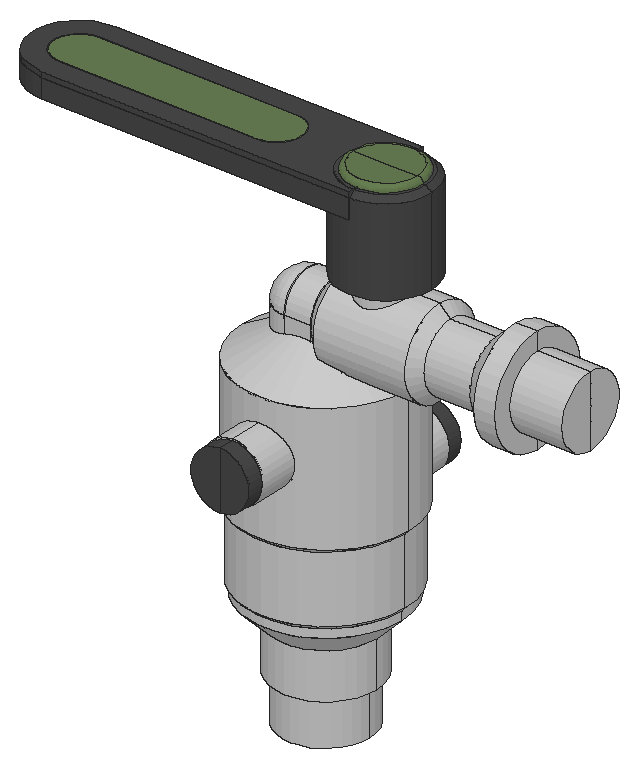
Revit family "Entnahmearmatur mit Systemtrenner 0300", category Rohrzubehör, Revit 2021
Family settings
  Bemaßung runder Anschluss = Durchmesser verwenden
  Teiletyp = Unterbricht
  OmniClass-Nummer = 23.65.55.14
  OmniClass-Titel = Valves for Liquid Services
  Arbeitsebenenbasiert = Nein
  Immer vertikal = Ja
  Beim Laden mit Abzugskörper schneiden = Nein
  Gemeinsam genutzt = Nein
Parameters (values of type "DN20 auf DN25")
  Vorgabe-Ansicht = 0.000 mm
  Max. zulässige Betriebstemperatur (kurzzeitig) = 80 °C  # constant formula
  Max. Betriebstemperatur = 65 °C  # constant formula
  W02 = 60.00°  # constant formula
  W01 = 45.00°  # constant formula
  URL = "www.herz-armaturen.at"
  Systemtrenner-Kartusche = "hochwertiger, kalkabweisender Kunststoff"  # constant formula
  STL02 = 37.500 mm  # constant formula
  STL01 = 33.000 mm  # constant formula
  STD02 = 8.200 mm  # constant formula
  STD01 = 8.500 mm  # constant formula
  SCTWSEQ = "AW;SBT_TYP_AW=\"104\";2"
  SCTWCODE = "04;12;02"  # constant formula
  S05 = R03 - 2.000 mm  # 10.400 mm
  S04 = 33.000 mm  # constant formula
  S03 = 25.000 mm  # constant formula
  S02 = 45.000 mm  # constant formula
  S01 = 13.000 mm  # constant formula
  R09 = 13.000 mm  # constant formula
  R05 = 8.000 mm  # constant formula
  R04 = 8.500 mm  # constant formula
  R03 = 12.400 mm  # constant formula
  R02 = 9.500 mm  # constant formula
  R01 = 15.000 mm  # constant formula
  NennweiteEin [instance] = if([15_20], 15.000 mm, if([20_20], 20.000 mm, if([20_25], 20.000 mm, 0.000 mm)))  # 20.000 mm
  NennweiteAus [instance] = if([15_20], 20.000 mm, if([20_20], 20.000 mm, if([20_25], 25.000 mm, 0.000 mm)))  # 25.000 mm
  Nenndruck = 1000000.0 Pa  # constant formula
  Medium = "Wasser (ohne Dampf)"  # constant formula
  LO01 = 34.500 mm  # constant formula
  L11 = 77.500 mm  # constant formula
  L10 = 57.500 mm  # constant formula
  L09 = 58.000 mm  # constant formula
  L08 = 2.500 mm  # constant formula
  L07 = 26.000 mm  # constant formula
  L06 = 6.000 mm  # constant formula
  L05 = 15.000 mm  # constant formula
  L04 = 5.000 mm  # constant formula
  L03 = 100.000 mm  # constant formula
  L02 = 58.000 mm  # constant formula
  L01 = 75.000 mm  # constant formula
  Hinweis = "Gemäß Art 33 der REACH-Verordnung (EG Nr. 1907/2006) sind wir verpflichtet, darauf hinzuweisen, dass der Stoff Blei auf der SVHC-Liste geführt wird und dass alle aus Messing bestehenden Bauteile, die in unseren Erzeugnissen verarbeitet sind, mehr als 0,1 % (w/w) Blei (CAS: 7439-92-1 / EINECS: 231-100-4) enthalten.\r\nDa Blei als Legierungsbestandteil fest gebunden ist, sind keine Expositionen zu erwarten und daher sind keine zusätzlichen Angaben zur sicheren Verwendung notwendig."
  Hersteller = "HERZ Armaturen Ges.m.b.H."  # constant formula
  H08 = 15.000 mm  # constant formula
  H07 = 36.000 mm  # constant formula
  H06 = 19.000 mm  # constant formula
  H05 = 2.500 mm  # constant formula
  H04 = 13.000 mm  # constant formula
  H03 = 13.000 mm  # constant formula
  H02 = 105.000 mm  # constant formula
  H01 = 146.000 mm - H02  # 41.000 mm
  Gehäuse = "Pressmessing (CW617N), verchromt"  # constant formula
  Einbaulage = "senkrecht"  # constant formula
  Dichtungen = "EPDM"  # constant formula
  Bestellnummer = if([15_20], "I030001", if([20_20], "I030002", if([20_25], "I030012", "0")))  # "I030012"
  20_25 = yes
  20_20 = no
  15_20 = no
  D05 = 14.500 mm  # constant formula
  D04 = 21.500 mm  # constant formula
  D03 = 22.500 mm  # constant formula
  D02 = 7.000 mm  # constant formula
  D01 = 23.500 mm  # constant formula
  Ausführung = "Der in dieser Entnahmearmatur integrierte Systemtrenner BA wurde nach der Norm DIN EN 1717 entwickelt.\r\nLaut dieser Norm ist die Wasserqualität je nach Grad der Verschmutzung in 5 Klassen eingeteilt.\r\nDer Systemtrenner Typ BA erlaubt Absicherung gegen Nichttrinkwasser bis zur Gefahrenklasse 4, der höchsten Gefahrenklasse, die mit einer Armatur abgesichert werden kann.\r\nDer Einbau eines Schmutzfängers vor dem Systemtrenner hilft, um eine dauerhafte und einwandfreie Funktion zu gewährleisten.\r\nDiese Armatur kann nur senkrecht montiert werden."
  Anwendung = "Diese Entnahmearmatur mit integriertem Systemtrenner (BA) ist zum Einbau über einem Entwässerungsgegenstand oder zum Einbau im Freien (z.B.: als Gartenventil) konzipiert.\r\nDie Armatur besteht aus einem eingangsseitigen Kugelhahn und einem nachgeschalteten Systemtrenner Typ BA nach DIN EN 1717."
  AGein [instance] = NennweiteEin / 2  # 10.000 mm
  AGaus [instance] = NennweiteAus / 2  # 12.500 mm
Types (4, lengths in mm): name | NennweiteEin | NennweiteAus | Bestellnummer | 20_25 | 20_20 | 15_20 | AGein | AGaus
  (no name) | 20.000 | 25.000 | "I030012" | yes | no | no | 10.000 | 12.500
  DN15 auf DN20 | 15.000 | 20.000 | "I030001" | no | no | yes | 7.500 | 10.000
  DN20 auf DN20 | 20.000 | 20.000 | "I030002" | no | yes | no | 10.000 | 10.000
  DN20 auf DN25 | 20.000 | 25.000 | "I030012" | yes | no | no | 10.000 | 12.500
Reference planes
  plane 1 "Mitte (Vorne/hinten)": y = 0
  plane 2: z = 0
  plane 3 "Mitte (Links/rechts)": x = 0
Forms (mm)
  Revolve 1, solid, material "Messing, vernickelt", detail levels fine
    sketch origin (0, 0, -213.5) x (1, 0, 0) y (0, 0, 1)
      loop
        line (0, 108.5) -> (0, 213.5) -> (-7, 213.5) -> (-7, 210.526) -> (-23.5, 201) -> (-23.5, 165) -> (-22.5, 164) -> (-22.5, 145) -> (-21.5, 144) -> (-21.5, 141.5) -> (-14.5, 134.5) -> (-14.5, 121.5) -> (-12.5, 121.5) -> (-12.5, 108.5) -> (0, 108.5)
      axis (0, 213.5) -> (0, 108.5)
    angle from 0 to 360
  Revolve 2, solid, material "Messing, vernickelt", detail levels fine
    sketch origin (0, 0, 0) x (1, 0, 0) y (0, 0, 1)
      loop
        line (2.5, 0) -> (75, 0) -> (75, 10) -> (60, 10) -> (60, 15) -> (54, 15) -> (48.5, 9.5) -> (35.3, 9.5) -> (32.4, 12.4) -> (6.4, 12.4) -> (2.5, 8.5) -> (2.5, 0)
      axis (2.5, 0) -> (75, 0)
    angle from 0 to 360
  Extrusion 3, solid, material "Messing, vernickelt", detail levels fine
    sketch origin (0, 0, 0) x (0, 1, 0) y (0, 0, 1)
      loop
        arc (8.5, 0) -> (0, 8.5) -> (-8.5, 0) r 8.5
        line (-8.5, 0) -> (-8.5, -12.5) -> (8.5, -12.5) -> (8.5, 0)
    from 2.5 to -5
  Extrusion 4, solid, material "Messing, vernickelt", detail levels fine
    sketch origin (0, 0, 0) x (1, 0, 0) y (0, 1, 0)
      loop
        circle (-5, 0) r 8.5
    from -20 to 0
  Revolve 5, solid, material "Messing, vernickelt", detail levels fine
    sketch origin (0, 0, 0) x (1, 0, 0) y (0, 1, 0)
      loop
        arc (-5, 8.5) -> (-11.01, 6.01) -> (-13.5, 0) r 8.5
        line (-13.5, 0) -> (-5, 0) -> (-5, 8.5)
      axis (-5, 0) -> (-13.5, 0)
    angle from 0 to 360
  Revolve 6, solid, material "Messing, vernickelt", detail levels fine
    sketch origin (0, 0, 0) x (1, 0, 0) y (0, 0, 1)
      loop
        line (17, 0) -> (25, 0) -> (25, 15) -> (17, 15) -> (17, 0)
      axis (17, 15) -> (17, 0)
    angle from 0 to 360
  Revolve 7, solid, material "Kunststoff SCHWARZ", detail levels fine
    sketch origin (0, 0, 0) x (1, 0, 0) y (0, 0, 1)
      loop
        line (17, 15) -> (30, 15) -> (30, 39.5) -> (28.5, 41) -> (17, 41) -> (17, 15)
      axis (17, 15) -> (17, 41)
    angle from 0 to 360
  Revolve 8, solid, material "Kunststoff GRÜN", detail levels fine
    sketch origin (0, 0, 0) x (1, 0, 0) y (0, 0, 1)
      loop
        line (17, 42.5) -> (17, 41) -> (27.5, 41)
        arc (27.5, 41) -> (27.061, 42.061) -> (26, 42.5) r 1.5
        line (26, 42.5) -> (17, 42.5)
      axis (17, 42.5) -> (17, 41)
    angle from 0 to 360
  Extrusion 9, solid, material "Kunststoff SCHWARZ", detail levels fine
    sketch origin (0, 0, 0) x (1, 0, 0) y (0, 1, 0)
      loop
        line (17, 13) -> (-70, 13)
        arc (-70, 13) -> (-83, 0) -> (-70, -13) r 13
        line (-70, -13) -> (17, -13) -> (17, 13)
    from 34 to 39.5
  Extrusion 10, solid, material "Kunststoff SCHWARZ", detail levels fine
    sketch origin (0, 0, 0) x (1, 0, 0) y (0, 1, 0)
      loop
        line (17, 13) -> (-70, 13)
        arc (-70, 13) -> (-83, 0) -> (-70, -13) r 13
        line (-70, -13) -> (17, -13) -> (17, 13)
      loop
        arc (-70, 7) -> (-77, 0) -> (-70, -7) r 7
        line (-70, -7) -> (-14, -7)
        arc (-14, -7) -> (-7, 0) -> (-14, 7) r 7
        line (-14, 7) -> (-70, 7)
    from 39.5 to 41
  Extrusion 11, solid, material "Kunststoff GRÜN", detail levels fine
    sketch origin (0, 0, 0) x (1, 0, 0) y (0, 1, 0)
      loop
        arc (-70, 7) -> (-77, 0) -> (-70, -7) r 7
        line (-70, -7) -> (-14, -7)
        arc (-14, -7) -> (-7, 0) -> (-14, 7) r 7
        line (-14, 7) -> (-70, 7)
    from 39.5 to 41
  Revolve 12, solid, material "Messing, vernickelt", detail levels fine
    sketch origin (0, 0, 0) x (0, 1, 0) y (0, 0, 1)
      loop
        line (0, -39) -> (0, -47.5) -> (33, -47.5) -> (33, -39) -> (0, -39)
      axis (33, -47.5) -> (0, -47.5)
    angle from 0 to 360
  Revolve 13, solid, material "Messing, vernickelt", detail levels fine
    sketch origin (0, 0, 0) x (0, -1, 0) y (0, 0, 1)
      loop
        line (0, -19) -> (0, -27.5) -> (33, -27.5) -> (33, -19) -> (0, -19)
      axis (33, -27.5) -> (0, -27.5)
    angle from 0 to 360
  Revolve 14, solid, material "Kunststoff SCHWARZ", detail levels fine
    sketch origin (0, 0, 0) x (0, 1, 0) y (0, 0, 1)
      loop
        line (-33, -27.5) -> (-33, -19.3) -> (-37.5, -19.3) -> (-37.5, -27.5) -> (-33, -27.5)
      axis (-33, -27.5) -> (-37.5, -27.5)
    angle from 0 to 360
  Revolve 15, solid, material "Kunststoff SCHWARZ", detail levels fine
    sketch origin (0, 0, 0) x (0, -1, 0) y (0, 0, 1)
      loop
        line (-33, -47.5) -> (-33, -39.3) -> (-37.5, -39.3) -> (-37.5, -47.5) -> (-33, -47.5)
      axis (-33, -47.5) -> (-37.5, -47.5)
    angle from 0 to 360
Lines and regions (mm)
  model lines, detail levels coarse+medium
    curve 1: line (35.5, 0, 12.4) -> (35.5, 0, -12.4)
    curve 2: line (35.5, 0, -12.4) -> (2.5, 0, 12.4)
    curve 3: line (2.5, 0, 12.4) -> (2.5, 0, -12.4)
    curve 4: line (2.5, 0, -12.4) -> (35.5, 0, 12.4)
    curve 5: circle (10.02, 0, 0) r 10.4 normal (0, -1, 0)
    curve 6: line (35.5, 0, 0) -> (75, 0, 0)
    curve 7: line (60, 0, 15) -> (60, 0, -15)
    curve 8: line (-23.5, 0, -12.4) -> (23.5, 0, -12.4)
    curve 9: line (-23.5, 0, -105) -> (-23.5, 0, -12.4)
    curve 10: line (23.5, 0, -105) -> (-23.5, 0, -105)
    curve 11: line (23.5, 0, -12.4) -> (23.5, 0, -105)
    curve 12: line (2.5, 0, 0) -> (0, 0, 0)
    curve 13: line (0, 0, 0) -> (0, 0, -12.4)
    curve 14: line (-10.5, 0, -105) -> (-10.5, 0, -80)
    curve 15: line (-10.5, 0, -57.4) -> (-10.5, 0, -12.4)
    curve 16: line (10.5, 0, -105) -> (10.5, 0, -80)
    curve 17: line (10.5, 0, -57.4) -> (10.5, 0, -12.4)
    curve 18: line (0, -23.5, -105) -> (0, 23.5, -105)
    curve 19: line (0, -23.5, -12.4) -> (0, -23.5, -105)
    curve 20: line (0, 23.5, -12.4) -> (0, -23.5, -12.4)
    curve 21: line (0, 23.5, -105) -> (0, 23.5, -12.4)
    curve 26: arc (0, -12.4, 0) -> (0, 0, 12.4) -> (0, 12.4, 0) r 12.4
  model lines
    curve 22: line (0, -10.5, -105) -> (0, -10.5, -80)
    curve 23: line (0, -10.5, -57.4) -> (0, -10.5, -12.4)
    curve 24: line (0, 10.5, -105) -> (0, 10.5, -80)
    curve 25: line (0, 10.5, -57.4) -> (0, 10.5, -12.4)
Dimensions and locks
  "H03": Revolve 1 sketch curve to Revolve 1 sketch curve
  "H04": Revolve 1 sketch curve to Revolve 1 sketch curve
  "H05": Revolve 1 sketch curve to Revolve 1 sketch curve
  "H06": Revolve 1 sketch curve to Revolve 1 sketch curve
  "H07": Revolve 1 sketch curve to Revolve 1 sketch curve
  "AGaus": Revolve 1 sketch curve to plane 3 "Mitte (Links/rechts)"
  "D01": Revolve 1 sketch curve to Revolve 1 sketch curve
  "D02": Revolve 1 sketch curve to Revolve 1 sketch curve
  "D05": Revolve 1 sketch curve to Revolve 1 sketch curve
  "D04": Revolve 1 sketch curve to Revolve 1 sketch curve
  "D03": Revolve 1 sketch curve to Revolve 1 sketch curve
  "H02": Revolve 1 sketch curve to Revolve 1 sketch curve
  "L01": Revolve 2 sketch curve to plane 3 "Mitte (Links/rechts)"
  "L05": Revolve 2 sketch curve to Revolve 2 sketch curve
  "L06": Revolve 2 sketch curve to Revolve 2 sketch curve
  "L07": Revolve 2 sketch curve to Revolve 2 sketch curve
  "AGein": Revolve 2 sketch curve to Revolve 2 sketch curve
  "R01": Revolve 2 sketch curve to Revolve 2 sketch curve
  "R02": Revolve 2 sketch curve to Revolve 2 sketch curve
  "R03": Revolve 2 sketch curve to Revolve 2 sketch curve
  "L08": Revolve 2 sketch curve to plane 3 "Mitte (Links/rechts)"
  "R04": Revolve 2 sketch curve to Revolve 2 sketch curve
  "H08": Revolve 6 sketch curve to plane 2
  "R05": Revolve 6 sketch curve to Revolve 6 sketch curve
  "L09": Revolve 6 sketch curve to Revolve 2
  "H08": Revolve 7 sketch curve to plane 2
  "R09": Revolve 7 sketch curve to Revolve 7 sketch curve
  "L02": Revolve 2 to Revolve 7 sketch curve
  "H01": Revolve 7 sketch curve to plane 2
  Revolve 7 sketch curve to Revolve 7 sketch curve = 11.500 mm
  "L02": Revolve 2 to Revolve 8 sketch curve
  Revolve 8 sketch curve to Revolve 7 = 1.500 mm
  "H01": Revolve 8 sketch curve to plane 2
  "L02": Extrusion 9 sketch curve to Revolve 2
  "R09": Extrusion 9 sketch curve to plane 1 "Mitte (Vorne/hinten)" to Extrusion 9 sketch curve
  "L03": Extrusion 9 sketch curve to Extrusion 9 sketch curve
  "L03": Extrusion 10 sketch curve to Extrusion 9
  "L02": Extrusion 10 sketch curve to Revolve 2
  "STL01": Revolve 12 sketch curve to plane 1 "Mitte (Vorne/hinten)"
  "STD01": Revolve 12 sketch curve to Revolve 12 sketch curve
  "L10": Revolve 1 to Revolve 12 sketch curve
  "STD01": Revolve 13 sketch curve to Revolve 13 sketch curve
  "STL01": plane 1 "Mitte (Vorne/hinten)" to Revolve 13 sketch curve
  "L11": Revolve 13 sketch curve to Revolve 1
  "STL01": plane 1 "Mitte (Vorne/hinten)" to Revolve 14 sketch curve
  "STL02": Revolve 13 to Revolve 14 sketch curve
  "STD02": Revolve 14 sketch curve to Revolve 14 sketch curve
  "L11": Revolve 1 to Revolve 14 sketch curve
  "D01": nested 1 to plane 3 "Mitte (Links/rechts)"
  "LO01": level to nested 1
  "STD02": Revolve 15 sketch curve to Revolve 15 sketch curve
  "L10": Revolve 15 sketch curve to Revolve 1
  "STL01": Revolve 15 sketch curve to plane 1 "Mitte (Vorne/hinten)"
  "STL02": Revolve 15 sketch curve to plane 1 "Mitte (Vorne/hinten)"
  "R03": curve 4 to plane 2 to curve 2
  "R03": curve 3 to plane 2 to curve 4
  "L08": plane 3 "Mitte (Links/rechts)" to curve 3
  "S04": curve 3 to curve 1
  "L01": curve 6 to plane 3 "Mitte (Links/rechts)"
  "R01": curve 7 to plane 2 to curve 7
  curve 7 to curve 6 = 15.000 mm
  "D01": curve 11 to plane 3 "Mitte (Links/rechts)" to curve 9
  "H02": plane 2 to curve 10
  "R03": plane 2 to curve 8
  "S01": curve 14 to curve 9
  "S01": curve 11 to curve 16
  "S01": curve 11 to curve 17
  "S01": curve 15 to curve 9
  "S02": curve 8 to curve 17
  "S02": curve 8 to curve 15
  "S03": curve 14 to curve 10
  "S03": curve 16 to curve 10
  "H02": plane 2 to curve 18
  "R03": plane 2 to curve 20
  "D01": curve 19 to plane 1 "Mitte (Vorne/hinten)" to curve 21
  "S01": curve 19 to curve 22
  "S01": curve 24 to curve 21
  "S01": curve 25 to curve 21
  "S01": curve 19 to curve 23
  "S03": curve 18 to curve 22
  "S03": curve 18 to curve 24
  "S02": curve 20 to curve 25
  "S02": curve 20 to curve 23
  "S05": radius of curve 5
  "R03": radius of curve 26
  "W01": angle Revolve 1 sketch curve to Revolve 1 sketch curve  (x3)
  "W02": angle Revolve 1 sketch curve to Revolve 1 sketch curve
  "W01": angle Revolve 2 sketch curve to Revolve 2 sketch curve  (x3)
  "W01": angle Revolve 7 sketch curve to Revolve 7 sketch curve
  aligned and locked: level to plane 2
Automatic sketch dimensions
  Extrusion 3 sketch curve to level = 0.000 mm  (x2)
  Extrusion 3 sketch curve to plane 1 "Mitte (Vorne/hinten)" = 0.000 mm
  plane 1 "Mitte (Vorne/hinten)" to Extrusion 3 sketch curve = 8.500 mm
  Extrusion 3 sketch curve to level = 12.500 mm
  plane 1 "Mitte (Vorne/hinten)" to Extrusion 4 sketch curve = 0.000 mm
  Extrusion 4 sketch curve to plane 3 "Mitte (Links/rechts)" = 5.000 mm
  Revolve 5 sketch curve to plane 1 "Mitte (Vorne/hinten)" = 0.000 mm
  plane 1 "Mitte (Vorne/hinten)" to Revolve 5 sketch curve = 0.000 mm
  Revolve 5 sketch curve to plane 3 "Mitte (Links/rechts)" = 13.500 mm
  Revolve 5 sketch curve to plane 3 "Mitte (Links/rechts)" = 5.000 mm
  Revolve 5 sketch curve to Revolve 5 sketch curve = 1986.500 mm
  plane 3 "Mitte (Links/rechts)" to Revolve 5 sketch curve = 2000.000 mm
  plane 1 "Mitte (Vorne/hinten)" to Extrusion 11 sketch curve = 0.000 mm
  Extrusion 11 sketch curve to plane 3 "Mitte (Links/rechts)" = 70.000 mm
  Extrusion 11 sketch curve to plane 1 "Mitte (Vorne/hinten)" = 7.000 mm
  Extrusion 11 sketch curve to plane 3 "Mitte (Links/rechts)" = 14.000 mm
  curve 26 to level = 0.000 mm
  curve 26 to plane 1 "Mitte (Vorne/hinten)" = 0.000 mm
  curve 12 to level = 0.000 mm
  curve 12 to plane 3 "Mitte (Links/rechts)" = 0.000 mm
  curve 5 to level = 0.000 mm
  curve 6 to level = 0.000 mm
  plane 3 "Mitte (Links/rechts)" to curve 3 = 2.500 mm
  curve 12 to curve 5 = 7.520 mm
  Revolve 1 sketch curve to level = 0.000 mm
  Revolve 1 sketch curve to plane 3 "Mitte (Links/rechts)" = 0.000 mm  (x2)
  Revolve 1 sketch curve to Revolve 1 sketch curve = 261.045 mm
  level to Revolve 1 sketch curve = 2214.315 mm
  Revolve 2 sketch curve to level = 0.000 mm  (x2)
  Revolve 2 sketch curve to plane 3 "Mitte (Links/rechts)" = 1506.530 mm
  Revolve 2 sketch curve to Revolve 2 sketch curve = 1764.148 mm
  Revolve 6 sketch curve to level = 0.000 mm  (x2)
  Revolve 6 sketch curve to Revolve 6 sketch curve = 0.000 mm  (x2)
  Revolve 7 sketch curve to Revolve 7 sketch curve = 0.000 mm  (x3)
  Revolve 8 sketch curve to Revolve 8 sketch curve = 9.000 mm
  Revolve 8 sketch curve to Revolve 8 sketch curve = 0.000 mm  (x3)
  Extrusion 9 sketch curve to Extrusion 9 sketch curve = 0.000 mm
  Extrusion 10 sketch curve to Extrusion 10 sketch curve = 0.000 mm  (x2)
  plane 1 "Mitte (Vorne/hinten)" to Extrusion 10 sketch curve = 0.000 mm
  Extrusion 10 sketch curve to plane 1 "Mitte (Vorne/hinten)" = 7.000 mm
  Extrusion 10 sketch curve to plane 3 "Mitte (Links/rechts)" = 14.000 mm
  Extrusion 10 sketch curve to Extrusion 10 sketch curve = 56.000 mm
  Revolve 12 sketch curve to plane 1 "Mitte (Vorne/hinten)" = 0.000 mm  (x2)
  Revolve 12 sketch curve to Revolve 12 sketch curve = 0.000 mm  (x2)
  Revolve 13 sketch curve to plane 1 "Mitte (Vorne/hinten)" = 0.000 mm  (x2)
  Revolve 13 sketch curve to Revolve 13 sketch curve = 0.000 mm  (x2)
  Revolve 14 sketch curve to Revolve 14 sketch curve = 0.000 mm  (x3)
  Revolve 15 sketch curve to Revolve 15 sketch curve = 0.000 mm  (x3)
  radius of Extrusion 4 sketch curve = 8.500 mm
Nested families
  nested 1: "Herz-Logo-vorne" at (-23.5, 0, -39), type "Herz-Logo-vorne", detail levels fine
Connectors
  piping at (0, 0, -105), diameter 25, driven by "NennweiteAus"
    settings: on Revolve 1, index 1, connector inside diameter 609.6 mm, connector length 0.000 mm, flow factor 0, pipe flow 0.0 L/s, pressure drop 0.0 Pa, fitting loss kfactor 0, connector angle 0.00°, fixture units 0, engagement length 0.000 mm, angle of deflection 0.00°, flow configuration 0, flow direction 2, fitting loss method 0, system type 29, joint type 0, gender type 0, connector reference index -1, connector utility 0, adjustable connector no, is connector primary yes, connector description ""
  piping at (75, 0, 0), diameter 20, driven by "NennweiteEin"
    settings: on Revolve 2, index 2, connector inside diameter 609.6 mm, connector length 0.000 mm, flow factor 0, pipe flow 0.0 L/s, pressure drop 0.0 Pa, fitting loss kfactor 0, connector angle 0.00°, fixture units 0, engagement length 0.000 mm, angle of deflection 0.00°, flow configuration 0, flow direction 1, fitting loss method 0, system type 29, joint type 0, gender type 0, connector reference index -1, connector utility 0, adjustable connector no, is connector primary no, connector description ""
Definition of nested family "Herz-Logo-vorne"
  Parameters (values of type "Herz-Logo-vorne")
    Default Elevation = 0.000 mm
  Reference planes
    plane 1 "Mitte (Vorne/hinten)": y = 0
    plane 2: z = 0
    plane 3 "Mitte (Links/rechts)": x = 0
  Forms (mm)
    Extrusion 1, solid
      sketch origin (0.732, -0.018, 0.017) x (0, -1, 0) y (0, 0, 1)
        loop
          line (-0.018, -4.517) -> (4.482, -4.517) -> (4.482, 4.483) -> (-4.518, 4.483) -> (-4.518, -4.517) -> (-0.018, -4.517)
        loop
          line (-0.05, -3.48) -> (3.482, -3.48) -> (3.482, 3.483) -> (-3.518, 3.483) -> (-3.518, -3.48) -> (-0.05, -3.48)
        loop
          arc (-0.018, 2.383) -> (-1.543, 3.287) -> (-3.067, 2.383) r 1.738
          arc (-3.067, 2.383) -> (-3.191, 1.899) -> (-3.067, 1.415) r 1.009
          line (-3.067, 1.415) -> (-0.018, -3.281) -> (3.032, 1.415)
          arc (3.032, 1.415) -> (3.156, 1.899) -> (3.032, 2.383) r 1.009
          arc (3.032, 2.383) -> (1.507, 3.287) -> (-0.018, 2.383) r 1.738
        loop
          arc (1.885, 1.272) -> (2.005, 1.675) -> (1.885, 2.079) r 0.74
          arc (1.885, 2.079) -> (1.265, 2.416) -> (0.644, 2.079) r 0.74
          line (0.644, 2.079) -> (-0.018, 0.97) -> (-0.679, 2.079)
          arc (-0.679, 2.079) -> (-1.3, 2.416) -> (-1.921, 2.079) r 0.74
          arc (-1.921, 2.079) -> (-2.04, 1.675) -> (-1.921, 1.272) r 0.74
          line (-1.921, 1.272) -> (-0.018, -1.658) -> (1.885, 1.272)
      from 0 to 1.5
  Dimensions and locks
    aligned and locked: level to plane 2
